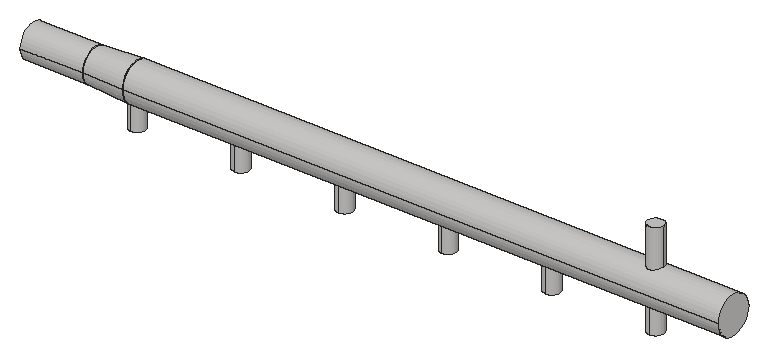
Revit family "BIMLIB_Коллектор_867_6_РОСТерм", category Оборудование, Revit 2017
Family settings
  Размер круглого соединителя = Использовать диаметр
  Тип детали = Нормальный
  На основе рабочей плоскости = Нет
  Всегда вертикально = Да
  При загрузке вырезать с полостями = Нет
  Общий = Нет
  Точка расчета площади = Нет
Parameters (values of type "Коллектор HEIZEN 867 для систем отопления сварной Ду32 на 6 выходов")
  РТ_Шаг = 100 mm
  РТ_l = 100 mm  # constant formula
  РТ_R1 = 18 mm
  РТ_R_низ = РТ_DN_низ / 2  # 7.5 mm
  РТ_DN3 = 15 mm  # constant formula
  Описание = "Коллекторы Heizen изготовлены из высококачественной латуни и нержавеющей стали, что исключает риск протечек. Коллекторы могут быть оснащены различными видами арматуры: ручными балансировочными клапанами,ручными запорными клапанами, термостатическими клапанами, расходомерами, воздухоотводчиками и дренажными кранами."
  РТ_DN_низ = 15 mm  # constant formula
  РТ_DN_бок = 32 mm
  Изготовитель = "РОСТерм"  # constant formula
  URL = "http://rostherm.ru/"
  RT_R2 = РТ_DN_бок / 2  # 16 mm
  BL_Разработано = "support@bimlib.ru"  # constant formula
  BL_Email = "rostherm@bimlib.ru"  # constant formula
  BL_BIM library = "https://bimlib.pro/manufacturer/rosterm/1632/"
  ADSK_Расход жидкости [instance] = 0.0 L/s
  ADSK_Примечание = ""
  ADSK_Позиция = ""
  ADSK_Обозначение = "ГОСТ 12.2.063-2015"  # constant formula
  ADSK_Наименование краткое = "HEIZEN 867 Ду32"
  ADSK_Наименование = "Коллектор HEIZEN 867 для систем отопления сварной Ду32 на 6 выходов"
  ADSK_Материал = BIMLIB_Нержавеющая_сталь_РОСТерм
  ADSK_Масса_Текст = ""
  ADSK_Масса = 0
  ADSK_Марка = "HEIZEN 867"  # constant formula
  ADSK_Код изделия = "867-32-10-06"
  ADSK_Завод-изготовитель = "Heizen"  # constant formula
  ADSK_Единица измерения = "шт."  # constant formula
  ADSK_Версия Revit = "2017"  # constant formula
  ADSK_URL страницы изделия = "http://rostherm.ru/kollektory/"
  ADSK_URL документации изделия = "http://rostherm.ru/"
Types (3, lengths in mm): name | РТ_R1 | РТ_DN_бок | RT_R2 | ADSK_Наименование краткое | ADSK_Наименование | ADSK_Код изделия
  Коллектор HEIZEN 867 для систем отопления сварной Ду50 на 6 выходов | 27 | 50 | 25 | "HEIZEN 867 Ду50" | "Коллектор HEIZEN 867 для систем отопления сварной Ду50 на 6 выходов" | "867-50-10-06"
  Коллектор HEIZEN 867 для систем отопления сварной Ду40 на 6 выходов | 22 | 40 | 20 | "HEIZEN 867 Ду40" | "Коллектор HEIZEN 867 для систем отопления сварной Ду40 на 6 выходов" | "867-40-10-06"
  Коллектор HEIZEN 867 для систем отопления сварной Ду32 на 6 выходов | 18 | 32 | 16 | "HEIZEN 867 Ду32" | "Коллектор HEIZEN 867 для систем отопления сварной Ду32 на 6 выходов" | "867-32-10-06"
Reference planes
  plane 1 "По центру (Вперед/Назад)": y = 0
  plane 2: z = 0
  plane 3 "По центру (Влево/Вправо)": x = 0
  plane 4: x = 100
  plane 5: x = 60
Forms (mm)
  Extrusion 1, solid, material "BIMLIB_Нержавеющая_сталь_РОСТерм" <- "ADSK_Материал", detail levels medium+fine
    sketch origin (65, 0, 0) x (0, 1, 0) y (0, 0, 1)
      loop
        circle (0, 0) r 18
    from 35 to 610
  Sweep 2, solid, material "BIMLIB_Нержавеющая_сталь_РОСТерм" <- "ADSK_Материал", detail levels medium+fine
    path origin (65, 0, 7.5) x (1, 0, 0) y (0, 0, 1)
      loop
        line (35, -7.5) -> (35, -47.5)
    profile origin (100, 0, -20) x (0, -1, 0) y (1, 0, 0)
      loop
        circle (0, 0) r 7.5
  Blend 3, solid, material "BIMLIB_Нержавеющая_сталь_РОСТерм" <- "ADSK_Материал", detail levels medium+fine
    base sketch origin (50, 0, 0) x (0, 1, 0) y (0, 0, 1)
      loop
        circle (0, 0) r 18
    top sketch origin (50, 0, 0) x (0, 1, 0) y (0, 0, 1)
      loop
        circle (0, 0) r 16
    from 50 to 10
  Extrusion 4, solid, material "BIMLIB_Нержавеющая_сталь_РОСТерм" <- "ADSK_Материал", detail levels medium+fine
    sketch origin (50, 0, 0) x (0, 1, 0) y (0, 0, 1)
      loop
        circle (0, 0) r 16
    from -50 to 10
  Sweep 5, solid, material "BIMLIB_Нержавеющая_сталь_РОСТерм" <- "ADSK_Материал", detail levels medium+fine
    path origin (165, 0, 7.5) x (1, 0, 0) y (0, 0, 1)
      loop
        line (35, -7.5) -> (35, -47.5)
    profile origin (200, 0, -20) x (0, -1, 0) y (1, 0, 0)
      loop
        circle (0, 0) r 7.5
  Sweep 6, solid, material "BIMLIB_Нержавеющая_сталь_РОСТерм" <- "ADSK_Материал", detail levels medium+fine
    path origin (265, 0, 7.5) x (1, 0, 0) y (0, 0, 1)
      loop
        line (35, -7.5) -> (35, -47.5)
    profile origin (300, 0, -20) x (0, -1, 0) y (1, 0, 0)
      loop
        circle (0, 0) r 7.5
  Sweep 7, solid, material "BIMLIB_Нержавеющая_сталь_РОСТерм" <- "ADSK_Материал", detail levels medium+fine
    path origin (365, 0, 7.5) x (1, 0, 0) y (0, 0, 1)
      loop
        line (35, -7.5) -> (35, -47.5)
    profile origin (400, 0, -20) x (0, -1, 0) y (1, 0, 0)
      loop
        circle (0, 0) r 7.5
  Sweep 8, solid, material "BIMLIB_Нержавеющая_сталь_РОСТерм" <- "ADSK_Материал", detail levels medium+fine
    path origin (465, 0, 7.5) x (1, 0, 0) y (0, 0, 1)
      loop
        line (35, -7.5) -> (35, -47.5)
    profile origin (500, 0, -20) x (0, -1, 0) y (1, 0, 0)
      loop
        circle (0, 0) r 7.5
  Sweep 9, solid, material "BIMLIB_Нержавеющая_сталь_РОСТерм" <- "ADSK_Материал", detail levels medium+fine
    path origin (565, 0, 7.5) x (1, 0, 0) y (0, 0, 1)
      loop
        line (35, -7.5) -> (35, -47.5)
    profile origin (600, 0, -20) x (0, -1, 0) y (1, 0, 0)
      loop
        circle (0, 0) r 7.5
  Extrusion 10, solid, material "BIMLIB_Нержавеющая_сталь_РОСТерм" <- "ADSK_Материал", detail levels medium+fine
    sketch origin (-499.815, 0, 0) x (1, 0, 0) y (0, 1, 0)
      loop
        circle (1099.815, 0) r 7.5
    from 0 to 52.797
Cuts and joins
  joined: Extrusion 1, Extrusion 10
Lines and regions (mm)
  model lines, detail levels coarse
    curve 1: line (0, 0, 0) -> (675, 0, 0)
    curve 2: line (100, 0, 0) -> (100, 0, -40)
    curve 3: line (200.436, 0, -40) -> (200.436, 0, 0)
    curve 4: line (300, 0, -40) -> (300, 0, 0)
    curve 5: line (400, 0, -40) -> (400, 0, 0)
    curve 6: line (500.436, 0, -40) -> (500.436, 0, 0)
    curve 7: line (600, 0, -40) -> (600, 0, 0)
Dimensions and locks
  "РТ_l": plane 4 to plane 3 "По центру (Влево/Вправо)"
  Sweep 2 sketch curve to Sweep 2 sketch curve = 40 mm
  locked: plane 4 to plane 5 at 40
  Sweep 5 sketch curve to Sweep 5 sketch curve = 40 mm
  Sweep 6 sketch curve to Sweep 6 sketch curve = 40 mm
  Sweep 7 sketch curve to Sweep 7 sketch curve = 40 mm
  Sweep 8 sketch curve to Sweep 8 sketch curve = 40 mm
  Sweep 9 sketch curve to Sweep 9 sketch curve = 40 mm
  "РТ_R1": radius of Extrusion 1 sketch curve
  "РТ_R_низ": radius of Sweep 2 sketch curve
  "РТ_R1": radius of Blend 3 sketch curve
  "RT_R2": radius of Blend 3 sketch curve
  "RT_R2": radius of Extrusion 4 sketch curve
  "РТ_R_низ": radius of Sweep 5 sketch curve
  "РТ_R_низ": radius of Sweep 6 sketch curve
  "РТ_R_низ": radius of Sweep 7 sketch curve
  "РТ_R_низ": radius of Sweep 8 sketch curve
  "РТ_R_низ": radius of Sweep 9 sketch curve
  "РТ_R_низ": radius of Extrusion 10 sketch curve
  aligned and locked: level to plane 2
  aligned and locked: curve 2 to plane 4
  aligned and locked: plane 4 to Sweep 2
  aligned and locked: Blend 3 to plane 5
  aligned and locked: Extrusion 4 to plane 3 "По центру (Влево/Вправо)"
  aligned and locked: Extrusion 4 to Blend 3
  aligned and locked: curve 1 to cut or joined group of Extrusion 1, Extrusion 10
Automatic sketch dimensions
  Sweep 2 sketch curve to profile plane = 0 mm
  profile plane to Sweep 2 sketch curve = 0 mm
  Extrusion 1 sketch curve to level = 0 mm
  Extrusion 1 sketch curve to plane 1 "По центру (Вперед/Назад)" = 0 mm
  Blend 3 sketch curve to level = 0 mm  (x2)
  Blend 3 sketch curve to plane 1 "По центру (Вперед/Назад)" = 0 mm  (x2)
  Extrusion 4 sketch curve to level = 0 mm
  Extrusion 4 sketch curve to plane 1 "По центру (Вперед/Назад)" = 0 mm
  Sweep 5 sketch curve to profile plane = 0 mm
  profile plane to Sweep 5 sketch curve = 0 mm
  Sweep 6 sketch curve to profile plane = 0 mm
  profile plane to Sweep 6 sketch curve = 0 mm
  Sweep 7 sketch curve to profile plane = 0 mm
  profile plane to Sweep 7 sketch curve = 0 mm
  Sweep 8 sketch curve to profile plane = 0 mm
  profile plane to Sweep 8 sketch curve = 0 mm
  Sweep 9 sketch curve to profile plane = 0 mm
  profile plane to Sweep 9 sketch curve = 0 mm
  plane 1 "По центру (Вперед/Назад)" to Extrusion 10 sketch curve = 0 mm
  plane 4 to Extrusion 10 sketch curve = 500 mm
  curve 1 to plane 3 "По центру (Влево/Вправо)" = 0 mm
  curve 3 to level = 40 mm
  curve 2 to curve 3 = 100.436 mm
  curve 3 to curve 4 = 99.564 mm
  curve 5 to level = 40 mm
  curve 4 to curve 5 = 100 mm
  curve 6 to level = 40 mm
  curve 5 to curve 6 = 100.436 mm
  curve 7 to level = 40 mm
  curve 6 to curve 7 = 99.564 mm
  curve 7 to curve 1 = 75 mm
  curve 2 to level = 40 mm
  curve 4 to curve 4 = 40 mm
Connectors
  piping at (100, 0, -40), diameter 15, driven by "РТ_DN_низ", driven by "ADSK_Расход жидкости"
    settings: on Sweep 2, index 3, connector inside diameter 609.6 mm, connector length 0 mm, flow factor 0, pipe flow 0.0 L/s, pressure drop 0.0 Pa, fitting loss kfactor 0, connector angle 0.00°, fixture units 0, engagement length 0 mm, angle of deflection 0.00°, flow configuration 0, flow direction 2, fitting loss method 0, system type 7, joint type 0, gender type 0, connector reference index -1, connector utility 0, adjustable connector no, is connector primary yes, connector description ""
  piping at (0, 0, 0), diameter 32, driven by "ADSK_Расход жидкости", driven by "РТ_DN_бок"
    settings: on Extrusion 4, index 38, connector inside diameter 609.6 mm, connector length 0 mm, flow factor 0, pipe flow 0.0 L/s, pressure drop 0.0 Pa, fitting loss kfactor 0, connector angle 0.00°, fixture units 0, engagement length 0 mm, angle of deflection 0.00°, flow configuration 0, flow direction 1, fitting loss method 0, system type 7, joint type 0, gender type 0, connector reference index -1, connector utility 0, adjustable connector no, is connector primary no, connector description ""
  piping at (200, 0, -40), diameter 15, driven by "РТ_DN_низ", driven by "ADSK_Расход жидкости"
    settings: on Sweep 5, index 39, connector inside diameter 609.6 mm, connector length 0 mm, flow factor 0, pipe flow 0.0 L/s, pressure drop 0.0 Pa, fitting loss kfactor 0, connector angle 0.00°, fixture units 0, engagement length 0 mm, angle of deflection 0.00°, flow configuration 0, flow direction 2, fitting loss method 0, system type 7, joint type 0, gender type 0, connector reference index -1, connector utility 0, adjustable connector no, is connector primary no, connector description ""
  piping at (300, 0, -40), diameter 15, driven by "РТ_DN_низ", driven by "ADSK_Расход жидкости"
    settings: on Sweep 6, index 40, connector inside diameter 609.6 mm, connector length 0 mm, flow factor 0, pipe flow 0.0 L/s, pressure drop 0.0 Pa, fitting loss kfactor 0, connector angle 0.00°, fixture units 0, engagement length 0 mm, angle of deflection 0.00°, flow configuration 0, flow direction 2, fitting loss method 0, system type 7, joint type 0, gender type 0, connector reference index -1, connector utility 0, adjustable connector no, is connector primary no, connector description ""
  piping at (400, 0, -40), diameter 15, driven by "РТ_DN_низ", driven by "ADSK_Расход жидкости"
    settings: on Sweep 7, index 41, connector inside diameter 609.6 mm, connector length 0 mm, flow factor 0, pipe flow 0.0 L/s, pressure drop 0.0 Pa, fitting loss kfactor 0, connector angle 0.00°, fixture units 0, engagement length 0 mm, angle of deflection 0.00°, flow configuration 0, flow direction 2, fitting loss method 0, system type 7, joint type 0, gender type 0, connector reference index -1, connector utility 0, adjustable connector no, is connector primary no, connector description ""
  piping at (500, 0, -40), diameter 15, driven by "РТ_DN_низ", driven by "ADSK_Расход жидкости"
    settings: on Sweep 8, index 42, connector inside diameter 609.6 mm, connector length 0 mm, flow factor 0, pipe flow 0.0 L/s, pressure drop 0.0 Pa, fitting loss kfactor 0, connector angle 0.00°, fixture units 0, engagement length 0 mm, angle of deflection 0.00°, flow configuration 0, flow direction 2, fitting loss method 0, system type 7, joint type 0, gender type 0, connector reference index -1, connector utility 0, adjustable connector no, is connector primary no, connector description ""
  piping at (600, 0, -40), diameter 15, driven by "РТ_DN_низ", driven by "ADSK_Расход жидкости"
    settings: on Sweep 9, index 43, connector inside diameter 609.6 mm, connector length 0 mm, flow factor 0, pipe flow 0.0 L/s, pressure drop 0.0 Pa, fitting loss kfactor 0, connector angle 0.00°, fixture units 0, engagement length 0 mm, angle of deflection 0.00°, flow configuration 0, flow direction 2, fitting loss method 0, system type 7, joint type 0, gender type 0, connector reference index -1, connector utility 0, adjustable connector no, is connector primary no, connector description ""
  piping at (600, 0, 52.797), diameter 15, driven by "РТ_DN3", driven by "ADSK_Расход жидкости"
    settings: on cut or joined group of Extrusion 1, Extrusion 10, index 44, connector inside diameter 609.6 mm, connector length 0 mm, flow factor 0, pipe flow 0.0 L/s, pressure drop 0.0 Pa, fitting loss kfactor 0, connector angle 0.00°, fixture units 0, engagement length 0 mm, angle of deflection 0.00°, flow configuration 0, flow direction 0, fitting loss method 0, system type 29, joint type 0, gender type 0, connector reference index -1, connector utility 0, adjustable connector no, is connector primary no, connector description ""
